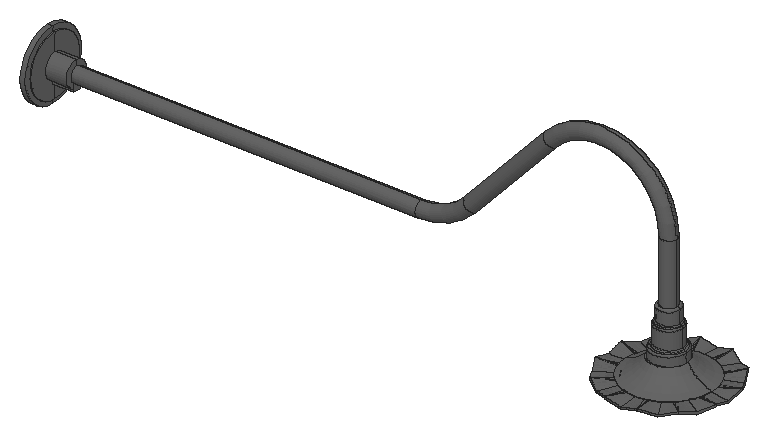
Revit family "Radial 8,12,16,18,20,24 LED", category Lighting Fixtures, Revit 2020 (continued)
Definition of nested family "R916_1"
  Definition of nested family "R916"
    Forms (in)
      SweptBlend 25, solid, material <- "BODY", visible <- "R916"
        end profile origin (-5.46746, -5.82225, 0.12929) x (0.003867, 0.061766, -0.998083) y (0.72969, -0.682641, -0.039418)
          loop
            line (-0.21609, -1.0533) -> (-0.08744, -1.04822) -> (0.12865, 0.00508) -> (-0.16984, 1.03806) -> (-0.29849, 1.03298) -> (0, 0) -> (-0.21609, -1.0533)
      SweptBlend 26, solid, material <- "BODY", visible <- "R916"
        path in 3D
          loop
            line (-3.12594, -5.68607, 0.20086) -> (-3.84775, -6.99904, 0.12929)
        profile origin (-3.12594, -5.68607, 0.20086) x (0, 0.054425, -0.998518) y (0.876608, -0.480492, -0.02619)
          loop
            line (-0.05254, 0.8114) -> (-0.03124, -0.00082) -> (-0.00994, -0.81304) -> (0.05254, -0.8114) -> (0.03124, 0.00082) -> (0.00994, 0.81304) -> (-0.05254, 0.8114)
        end profile origin (-3.84775, -6.99904, 0.12929) x (0, 0.054425, -0.998518) y (0.876608, -0.480492, -0.02619)
          loop
            line (-0.23003, -1.05035) -> (-0.10133, -1.04697) -> (0.1287, 0.00338) -> (-0.15607, 1.04022) -> (-0.28477, 1.03685) -> (0, 0) -> (-0.23003, -1.05035)
    Lines and regions (in)
      sketch lines
        curve 1: line (0, -6.48868, 0.20086) -> (0, -7.98697, 0.12929)
        curve 2: line (-1.61367, -6.28482, 0.20086) -> (-1.98628, -7.73605, 0.12929)
        curve 3: line (1.61367, -6.28482, 0.20086) -> (1.98628, -7.73605, 0.12929)
        curve 4: line (3.12594, -5.68607, 0.20086) -> (3.84775, -6.99904, 0.12929)
        curve 5: line (4.44181, -4.73004, 0.20086) -> (5.46746, -5.82225, 0.12929)
        curve 6: line (5.47857, -3.47681, 0.20086) -> (6.74362, -4.27963, 0.12929)
        curve 7: line (6.1711, -2.00511, 0.20086) -> (7.59606, -2.46811, 0.12929)
        curve 8: line (6.47587, -0.40743, 0.20086) -> (7.97121, -0.50151, 0.12929)
        curve 9: line (6.37375, 1.21586, 0.20086) -> (7.8455, 1.49661, 0.12929)
        curve 10: line (5.87113, 2.76275, 0.20086) -> (7.22683, 3.40069, 0.12929)
        curve 11: line (4.99961, 4.13604, 0.20086) -> (6.15407, 5.09109, 0.12929)
        curve 12: line (3.81395, 5.24945, 0.20086) -> (4.69462, 6.46159, 0.12929)
        curve 13: line (2.38864, 6.03302, 0.20086) -> (2.9402, 7.4261, 0.12929)
        curve 14: line (0.81325, 6.43751, 0.20086) -> (1.00103, 7.92399, 0.12929)
        curve 15: line (-0.81325, 6.43751, 0.20086) -> (-1.00103, 7.92399, 0.12929)
        curve 16: line (-2.38864, 6.03302, 0.20086) -> (-2.9402, 7.4261, 0.12929)
        curve 17: line (-3.81395, 5.24945, 0.20086) -> (-4.69462, 6.46159, 0.12929)
        curve 18: line (-4.99961, 4.13604, 0.20086) -> (-6.15407, 5.09109, 0.12929)
        curve 19: line (-5.87113, 2.76275, 0.20086) -> (-7.22683, 3.40069, 0.12929)
        curve 20: line (-6.37375, 1.21586, 0.20086) -> (-7.8455, 1.49661, 0.12929)
        curve 21: line (-6.47587, -0.40743, 0.20086) -> (-7.97121, -0.50151, 0.12929)
        curve 22: line (-6.1711, -2.00511, 0.20086) -> (-7.59606, -2.46811, 0.12929)
        curve 23: line (-5.47857, -3.47681, 0.20086) -> (-6.74362, -4.27963, 0.12929)
        curve 24: line (-4.44181, -4.73004, 0.20086) -> (-5.46746, -5.82225, 0.12929)
        curve 25: line (-3.12594, -5.68607, 0.20086) -> (-3.84775, -6.99904, 0.12929)
    Dimensions and locks (in)
      plane 5 to plane 3 "Center (Left/Right)" = 0' - 8"
      plane 4 to plane 2 = 0' - 6 3/4"
      plane 7 to plane 1 "Center (Front/Back)" = 0' - 8"
      plane 6 to plane 5 = 1' - 4"
      aligned and locked: plane 2 to level
Definition of nested family "R918_1"
  Parameters (values of type "R918_1")
    R918 [instance] = yes
    Light Elevation [instance] = 2' - 0"
    Default Elevation = 0' - 0"
    Body [instance] = none
  Reference planes (in)
    plane 1 "Center (Front/Back)": y = 0
    plane 2: z = 0
    plane 3 "Center (Left/Right)": x = 0
    plane 4: z = 24
  Dimensions and locks (in)
    "Light Elevation": plane 4 to plane 2
    aligned and locked: plane 2 to level
    aligned and locked: plane 3 "Center (Left/Right)" to nested 1
    aligned and locked: plane 1 "Center (Front/Back)" to nested 1
    aligned and locked: plane 4 to nested 1
  Nested families (in)
    nested 1: "R918" at (0, 0, 17.125), Body <- "Body", visible <- "R918", R918 <- "R918", type "R918"
      with R918 yes, Body none
  Definition of nested family "R918"
    Parameters (values of type "R918")
      R918 [instance] = yes
      Default Elevation = 0' - 0"
      Body [instance] = none
    Reference planes (in)
      plane 1 "Center (Front/Back)": y = 0
      plane 2: z = 0
      plane 3 "Center (Left/Right)": x = 0
      plane 4: z = 6.875
      plane 5: x = 9
      plane 6: x = -9
      plane 7: y = 9
      plane 8: y = -9
    Forms (in)
      Revolve 1, solid, material <- "Body", visible <- "R918"
        sketch origin (-45.14533, 0, -7.875) x (1, 0, 0) y (0, 0, 1)
          loop
            line (45.14533, 10.65258) -> (42.89533, 10.65258)
            arc (42.89533, 10.65258) -> (40.64165, 8.94782) -> (37.89752, 8.27324) r 6.99871
            line (37.89752, 8.27324) -> (37.89752, 8.17949)
            arc (37.89752, 8.17949) -> (40.67892, 8.86757) -> (42.96859, 10.59008) r 7.1677
            line (42.96859, 10.59008) -> (45.14533, 10.59008) -> (45.14533, 10.65258)
          axis (45.14533, 10.65258) -> (45.14533, 8.17949)
        angle from 0 to 360
      SweptBlend 2, solid, material <- "Body", visible <- "R918"
        path in 3D
          loop
            line (0.02225, -5.64792, 0.40543) -> (0.02225, -9.00352, 0.34686)
        profile origin (0.02225, -5.64792, 0.40543) x (0.002085, 0.017452, -0.999846) y (0.999998, -0.000036, 0.002085)
          loop
            line (0.00003, 0) -> (-0.00257, -1.25) -> (0.05993, -1.25013) -> (0.06253, -0.00013) -> (0.06514, 1.24987) -> (0.00264, 1.25) -> (0.00003, 0)
        end profile origin (0.02225, -9.00352, 0.34686) x (0.002085, 0.017452, -0.999846) y (0.999998, -0.000036, 0.002085)
          loop
            line (0.00437, 2.07812) -> (0.1641, -0.00034) -> (-0.0043, -2.07812) -> (0.1832, -2.07851) -> (0.3516, -0.00073) -> (0.19187, 2.07773) -> (0.00437, 2.07812)
      SweptBlend 3, solid, material <- "Body", visible <- "R918"
        path in 3D
          loop
            line (-2.43049, -5.09825, 0.40543) -> (-3.88643, -8.12155, 0.34686)
        profile origin (-2.43049, -5.09825, 0.40543) x (-0.358874, 0.154992, 0.920428) y (-0.826445, 0.405561, -0.390523)
          loop
            line (-0.00003, 0.00001) -> (0.4882, 1.15072) -> (0.43066, 1.17513) -> (-0.05757, 0.02442) -> (-0.5458, -1.12628) -> (-0.48826, -1.1507) -> (-0.00003, 0.00001)
        end profile origin (-3.88643, -8.12155, 0.34686) x (-0.358874, 0.154992, 0.920428) y (-0.826445, 0.405561, -0.390523)
          loop
            line (-0.81171, -1.91304) -> (-0.15106, 0.06409) -> (0.81165, 1.91307) -> (0.63904, 1.9863) -> (-0.32367, 0.13733) -> (-0.98432, -1.83981) -> (-0.81171, -1.91304)
      SweptBlend 4, solid, material <- "Body", visible <- "R918"
        path in 3D
          loop
            line (2.47059, -5.07894, 0.40543) -> (3.92653, -8.10224, 0.34686)
        profile origin (2.47059, -5.07894, 0.40543) x (0.413497, 0.181845, 0.892162) y (-0.800514, -0.394252, 0.451379)
          loop
            line (-0.00003, -0.00002) -> (-0.56434, 1.11536) -> (-0.62011, 1.08714) -> (-0.0558, -0.02823) -> (0.50851, -1.1436) -> (0.56428, -1.11539) -> (-0.00003, -0.00002)
        end profile origin (3.92653, -8.10224, 0.34686) x (0.413497, 0.181845, 0.892162) y (-0.800514, -0.394252, 0.451379)
          loop
            line (0.93813, -1.85432) -> (-0.14642, -0.07408) -> (-0.9382, 1.85429) -> (-1.1055, 1.76964) -> (-0.31373, -0.15873) -> (0.77083, -1.93897) -> (0.93813, -1.85432)
      SweptBlend 5, solid, material <- "Body", visible <- "R918"
        path in 3D
          loop
            line (4.4296, -3.50402, 0.40543) -> (7.05311, -5.5962, 0.34686)
        profile origin (4.4296, -3.50402, 0.40543) x (0.021307, 0.054665, -0.998277) y (0.623275, 0.779994, 0.056015)
          loop
            line (0.00003, 0) -> (-0.06999, -1.24804) -> (-0.00759, -1.25154) -> (0.06244, -0.0035) -> (0.13247, 1.24453) -> (0.07006, 1.24803) -> (0.00003, 0)
        end profile origin (7.05311, -5.5962, 0.34686) x (0.021307, 0.054665, -0.998277) y (0.623275, 0.779994, 0.056015)
          loop
            line (0.11646, 2.07486) -> (0.16384, -0.00919) -> (-0.11639, -2.07486) -> (0.07082, -2.08537) -> (0.35104, -0.0197) -> (0.30366, 2.06435) -> (0.11646, 2.07486)
      SweptBlend 6, solid, material <- "Body", visible <- "R918"
        path in 3D
          loop
            line (5.51127, -1.23509, 0.40543) -> (8.78273, -1.98178, 0.34686)
        profile origin (5.51127, -1.23509, 0.40543) x (0.033619, 0.069082, 0.997044) y (-0.220624, -0.972485, 0.074819)
          loop
            line (-0.00003, 0) -> (-0.09357, 1.24649) -> (-0.1559, 1.24182) -> (-0.06236, -0.00468) -> (0.03118, -1.25117) -> (0.0935, -1.2465) -> (-0.00003, 0)
        end profile origin (8.78273, -1.98178, 0.34686) x (0.033619, 0.069082, 0.997044) y (-0.220624, -0.972485, 0.074819)
          loop
            line (0.15547, -2.0723) -> (-0.16364, -0.01228) -> (-0.15554, 2.0723) -> (-0.34252, 2.05827) -> (-0.35061, -0.02631) -> (-0.0315, -2.08633) -> (0.15547, -2.0723)
      SweptBlend 7, solid, material <- "Body", visible <- "R918"
        path in 3D
          loop
            line (5.50136, 1.27848, 0.40543) -> (8.77283, 2.02517, 0.34686)
        profile origin (5.50136, 1.27848, 0.40543) x (0.010112, 0.034087, 0.999368) y (0.222941, -0.97434, 0.030978)
          loop
            line (-0.00003, 0) -> (-0.03876, 1.2494) -> (-0.10123, 1.24746) -> (-0.0625, -0.00194) -> (-0.02378, -1.25134) -> (0.03869, -1.2494) -> (-0.00003, 0)
        end profile origin (8.77283, 2.02517, 0.34686) x (0.010112, 0.034087, 0.999368) y (0.222941, -0.97434, 0.030978)
          loop
            line (0.06435, -2.07713) -> (-0.16402, -0.00508) -> (-0.06442, 2.07713) -> (-0.25183, 2.07132) -> (-0.35143, -0.01089) -> (-0.12306, -2.08294) -> (0.06435, -2.07713)
      SweptBlend 8, solid, material <- "Body", visible <- "R918"
        path in 3D
          loop
            line (4.40185, 3.53882, 0.40543) -> (7.02536, 5.631, 0.34686)
        profile origin (4.40185, 3.53882, 0.40543) x (0.001012, 0.026716, 0.999643) y (0.623638, -0.781451, 0.020254)
          loop
            line (-0.00003, 0) -> (-0.02536, 1.24974) -> (-0.08784, 1.24848) -> (-0.06252, -0.00127) -> (-0.0372, -1.25101) -> (0.02529, -1.24974) -> (-0.00003, 0)
        end profile origin (7.02536, 5.631, 0.34686) x (0.001012, 0.026716, 0.999643) y (0.623638, -0.781451, 0.020254)
          loop
            line (0.04206, -2.0777) -> (-0.16406, -0.00332) -> (-0.04213, 2.0777) -> (-0.22959, 2.0739) -> (-0.35153, -0.00712) -> (-0.1454, -2.0815) -> (0.04206, -2.0777)
      SweptBlend 9, solid, material <- "Body", visible <- "R918"
        path in 3D
          loop
            line (2.43049, 5.09825, 0.40543) -> (3.88643, 8.12155, 0.34686)
        profile origin (2.43049, 5.09825, 0.40543) x (-0.000191, 0.019462, 0.999811) y (0.901001, -0.433732, 0.008616)
          loop
            line (-0.00003, 0) -> (-0.01081, 1.24995) -> (-0.0733, 1.24941) -> (-0.06253, -0.00054) -> (-0.05176, -1.25049) -> (0.01074, -1.24995) -> (-0.00003, 0)
        end profile origin (3.88643, 8.12155, 0.34686) x (-0.000191, 0.019462, 0.999811) y (0.901001, -0.433732, 0.008616)
          loop
            line (0.01787, -2.07805) -> (-0.16409, -0.00141) -> (-0.01794, 2.07805) -> (-0.20543, 2.07643) -> (-0.35158, -0.00303) -> (-0.16962, -2.07966) -> (0.01787, -2.07805)
      SweptBlend 10, solid, material <- "Body", visible <- "R918"
        path in 3D
          loop
            line (-0.02225, 5.64792, 0.40543) -> (-0.02225, 9.00352, 0.34686)
        profile origin (-0.02225, 5.64792, 0.40543) x (0.04465, 0.017435, 0.998851) y (0.999003, -0.000779, -0.044643)
          loop
            line (-0.00003, 0) -> (0.05578, 1.24875) -> (-0.00666, 1.25155) -> (-0.06247, 0.00279) -> (-0.11829, -1.24596) -> (-0.05585, -1.24875) -> (-0.00003, 0)
        end profile origin (-0.02225, 9.00352, 0.34686) x (0.04465, 0.017435, 0.998851) y (0.999003, -0.000779, -0.044643)
          loop
            line (-0.09282, -2.07605) -> (-0.16393, 0.00733) -> (0.09275, 2.07605) -> (-0.09456, 2.08443) -> (-0.35125, 0.0157) -> (-0.28014, -2.06768) -> (-0.09282, -2.07605)
      SweptBlend 11, solid, material <- "Body", visible <- "R918"
        path in 3D
          loop
            line (-2.47059, 5.07894, 0.40543) -> (-3.92653, 8.10224, 0.34686)
        profile origin (-2.47059, 5.07894, 0.40543) x (0.115316, 0.036301, -0.992665) y (-0.893591, -0.432648, -0.119628)
          loop
            line (0.00003, 0) -> (0.14959, -1.24102) -> (0.21164, -1.23354) -> (0.06209, 0.00748) -> (-0.08747, 1.2485) -> (-0.14952, 1.24102) -> (0.00003, 0)
        end profile origin (-3.92653, 8.10224, 0.34686) x (0.115316, 0.036301, -0.992665) y (-0.893591, -0.432648, -0.119628)
          loop
            line (-0.24861, 2.0632) -> (0.16292, 0.01963) -> (0.24867, -2.06319) -> (0.43483, -2.04076) -> (0.34907, 0.04207) -> (-0.06245, 2.08563) -> (-0.24861, 2.0632)
      SweptBlend 12, solid, material <- "Body", visible <- "R918"
        path in 3D
          loop
            line (-4.4296, 3.50402, 0.40543) -> (-7.05311, 5.5962, 0.34686)
        profile origin (-4.4296, 3.50402, 0.40543) x (0.623341, 0.781898, 0.009028) y (0.019274, -0.003821, -0.999807)
          loop
            line (0, 0.00003) -> (1.24995, 0.01132) -> (1.24938, 0.07382) -> (-0.00056, 0.06253) -> (-1.25051, 0.05124) -> (-1.24995, -0.01125) -> (0, 0.00003)
        end profile origin (-7.05311, 5.5962, 0.34686) x (0.623341, 0.781898, 0.009028) y (0.019274, -0.003821, -0.999807)
          loop
            line (-2.07804, -0.01873) -> (-0.00148, 0.16409) -> (2.07804, 0.0188) -> (2.07635, 0.20629) -> (-0.00317, 0.35158) -> (-2.07973, 0.16876) -> (-2.07804, -0.01873)
      SweptBlend 13, solid, material <- "Body", visible <- "R918"
        path in 3D
          loop
            line (-5.51127, 1.23509, 0.40543) -> (-8.78273, 1.98178, 0.34686)
        profile origin (-5.51127, 1.23509, 0.40543) x (0.028494, 0.046514, -0.998511) y (-0.221344, -0.973825, -0.051681)
          loop
            line (0.00003, 0) -> (0.06465, -1.24833) -> (0.12706, -1.2451) -> (0.06245, 0.00323) -> (-0.00216, 1.25156) -> (-0.06458, 1.24833) -> (0.00003, 0)
        end profile origin (-8.78273, 1.98178, 0.34686) x (0.028494, 0.046514, -0.998511) y (-0.221344, -0.973825, -0.051681)
          loop
            line (-0.10738, 2.07535) -> (0.16388, 0.00848) -> (0.10745, -2.07535) -> (0.2947, -2.06565) -> (0.35113, 0.01817) -> (0.07987, 2.08504) -> (-0.10738, 2.07535)
      SweptBlend 14, solid, material <- "Body", visible <- "R918"
        path in 3D
          loop
            line (-5.50136, -1.27848, 0.40543) -> (-8.77283, -2.02517, 0.34686)
        profile origin (-5.50136, -1.27848, 0.40543) x (0.002083, 0.06913, -0.997605) y (0.223161, -0.972482, -0.066923)
          loop
            line (0.00003, 0) -> (0.0837, -1.24719) -> (0.14606, -1.24301) -> (0.06239, 0.00419) -> (-0.02127, 1.25138) -> (-0.08363, 1.2472) -> (0.00003, 0)
        end profile origin (-8.77283, -2.02517, 0.34686) x (0.002083, 0.06913, -0.997605) y (0.223161, -0.972482, -0.066923)
          loop
            line (-0.13906, 2.07347) -> (0.16373, 0.01098) -> (0.13913, -2.07346) -> (0.32621, -2.06091) -> (0.35081, 0.02353) -> (0.04802, 2.08602) -> (-0.13906, 2.07347)
      SweptBlend 15, solid, material <- "Body", visible <- "R918"
        path in 3D
          loop
            line (-4.40185, -3.53882, 0.40543) -> (-7.02536, -5.631, 0.34686)
        profile origin (-4.40185, -3.53882, 0.40543) x (0.002085, 0.025372, -0.999676) y (0.623636, -0.781495, -0.018533)
          loop
            line (0.00003, 0) -> (0.0232, -1.24978) -> (0.08569, -1.24863) -> (0.06252, 0.00116) -> (0.03935, 1.25094) -> (-0.02314, 1.24979) -> (0.00003, 0)
        end profile origin (-7.02536, -5.631, 0.34686) x (0.002085, 0.025372, -0.999676) y (0.623636, -0.781495, -0.018533)
          loop
            line (-0.03849, 2.07777) -> (0.16407, 0.00304) -> (0.03856, -2.07777) -> (0.22602, -2.07429) -> (0.35154, 0.00652) -> (0.14898, 2.08124) -> (-0.03849, 2.07777)
      Revolve 16, solid, material <- "Body", visible <- "R918"
        sketch origin (0, 0, 0) x (1, 0, 0) y (0, 0, 1)
          loop
            line (-0.12915, 6.875) -> (-1.18211, 6.875) -> (-1.18211, 5.59021) -> (-1.48446, 5.41565) -> (-1.48446, 4.10774) -> (-1.82597, 3.91057) -> (-1.82597, 2.77758) -> (-1.73222, 2.77758) -> (-1.73222, 3.85645) -> (-1.39071, 4.05361) -> (-1.39071, 5.36152) -> (-1.08836, 5.53608) -> (-1.08836, 6.78125) -> (-0.12915, 6.78125) -> (-0.12915, 6.875)
          axis (0, 6.875) -> (0, 2.77758)
        angle from 0 to 360
    Lines and regions (in)
      sketch lines
        curve 1: line (0.02225, -5.64792, 0.40543) -> (0.02225, -9.00352, 0.34686)
        curve 2: line (-2.43049, -5.09825, 0.40543) -> (-3.88643, -8.12155, 0.34686)
        curve 3: line (2.47059, -5.07894, 0.40543) -> (3.92653, -8.10224, 0.34686)
        curve 4: line (4.4296, -3.50402, 0.40543) -> (7.05311, -5.5962, 0.34686)
        curve 5: line (5.51127, -1.23509, 0.40543) -> (8.78273, -1.98178, 0.34686)
        curve 6: line (5.50136, 1.27848, 0.40543) -> (8.77283, 2.02517, 0.34686)
        curve 7: line (4.40185, 3.53882, 0.40543) -> (7.02536, 5.631, 0.34686)
        curve 8: line (2.43049, 5.09825, 0.40543) -> (3.88643, 8.12155, 0.34686)
        curve 9: line (-0.02225, 5.64792, 0.40543) -> (-0.02225, 9.00352, 0.34686)
        curve 10: line (-2.47059, 5.07894, 0.40543) -> (-3.92653, 8.10224, 0.34686)
        curve 11: line (-4.4296, 3.50402, 0.40543) -> (-7.05311, 5.5962, 0.34686)
        curve 12: line (-5.51127, 1.23509, 0.40543) -> (-8.78273, 1.98178, 0.34686)
        curve 13: line (-5.50136, -1.27848, 0.40543) -> (-8.77283, -2.02517, 0.34686)
        curve 14: line (-4.40185, -3.53882, 0.40543) -> (-7.02536, -5.631, 0.34686)
    Dimensions and locks (in)
      plane 4 to plane 2 = 0' - 6 7/8"
      plane 5 to plane 3 "Center (Left/Right)" = 0' - 9"
      equal spacing: plane 6, plane 3 "Center (Left/Right)", plane 5  (x2)
      plane 6 to plane 5 = 1' - 6"
      plane 7 to plane 1 "Center (Front/Back)" = 0' - 9"
      equal spacing: plane 7, plane 1 "Center (Front/Back)", plane 8
      plane 7 to plane 8 = 1' - 6"
      aligned and locked: plane 2 to level
    Automatic sketch dimensions
      profile plane to SweptBlend 2 sketch curve = 0' - 0.0043"
      SweptBlend 2 sketch curve to profile plane = 0' - 0.00437"
      SweptBlend 2 sketch curve to profile plane = 0' - 0.00034"
      SweptBlend 2 sketch curve to profile plane = 0' - 0.1641"
      SweptBlend 2 sketch curve to profile plane = 0' - 0.1832"
      SweptBlend 2 sketch curve to SweptBlend 2 sketch curve = 0' - 0 3/16"  (x2)
      SweptBlend 2 sketch curve to profile plane = 0' - 0.00073"
      SweptBlend 2 sketch curve to profile plane = 0' - 2 5/64"
      SweptBlend 2 sketch curve to SweptBlend 2 sketch curve = 0' - 0.00039"  (x2)
      profile plane to SweptBlend 2 sketch curve = 0' - 2.07773"
      profile plane to SweptBlend 2 sketch curve = 0' - 0.00257"
      SweptBlend 2 sketch curve to profile plane = 0' - 0"
      SweptBlend 2 sketch curve to profile plane = 0' - 0.00003"
      SweptBlend 2 sketch curve to profile plane = 0' - 0.00264"
      SweptBlend 2 sketch curve to profile plane = 0' - 0.05993"
      SweptBlend 2 sketch curve to profile plane = 0' - 0.00013"
      SweptBlend 2 sketch curve to profile plane = 0' - 1 1/4"
      profile plane to SweptBlend 2 sketch curve = 0' - 1.24987"
      SweptBlend 3 sketch curve to profile plane = 0' - 0.81165"
      profile plane to SweptBlend 3 sketch curve = 0' - 0.81171"
      profile plane to SweptBlend 3 sketch curve = 0' - 0.06409"
      profile plane to SweptBlend 3 sketch curve = 0' - 0.15106"
      SweptBlend 3 sketch curve to profile plane = 0' - 0.63904"
      SweptBlend 3 sketch curve to SweptBlend 3 sketch curve = 0' - 0.17261"  (x2)
      profile plane to SweptBlend 3 sketch curve = 0' - 0.13733"
      profile plane to SweptBlend 3 sketch curve = 0' - 1.91307"
      SweptBlend 3 sketch curve to SweptBlend 3 sketch curve = 0' - 0.07323"  (x2)
      SweptBlend 3 sketch curve to profile plane = 0' - 1.83981"
      SweptBlend 3 sketch curve to profile plane = 0' - 0.4882"
      profile plane to SweptBlend 3 sketch curve = 0' - 0"
      profile plane to SweptBlend 3 sketch curve = 0' - 0.00003"
      profile plane to SweptBlend 3 sketch curve = 0' - 0.48826"
      SweptBlend 3 sketch curve to profile plane = 0' - 0.43066"
      profile plane to SweptBlend 3 sketch curve = 0' - 0.02442"
      profile plane to SweptBlend 3 sketch curve = 0' - 1.15072"
      SweptBlend 3 sketch curve to profile plane = 0' - 1.12628"
      profile plane to SweptBlend 4 sketch curve = 0' - 0.9382"
      SweptBlend 4 sketch curve to profile plane = 0' - 0.93813"
      SweptBlend 4 sketch curve to profile plane = 0' - 0.07408"
      profile plane to SweptBlend 4 sketch curve = 0' - 0.14642"
      profile plane to SweptBlend 4 sketch curve = 0' - 1.1055"
      SweptBlend 4 sketch curve to SweptBlend 4 sketch curve = 0' - 0.16731"  (x2)
      SweptBlend 4 sketch curve to profile plane = 0' - 0.15873"
      profile plane to SweptBlend 4 sketch curve = 0' - 1.85429"
      SweptBlend 4 sketch curve to SweptBlend 4 sketch curve = 0' - 0.08465"  (x2)
      SweptBlend 4 sketch curve to profile plane = 0' - 1.93897"
      profile plane to SweptBlend 4 sketch curve = 0' - 0.56434"
      SweptBlend 4 sketch curve to profile plane = 0' - 0"
      profile plane to SweptBlend 4 sketch curve = 0' - 0.00003"
      SweptBlend 4 sketch curve to profile plane = 0' - 0.56428"
      profile plane to SweptBlend 4 sketch curve = 0' - 0.62011"
      SweptBlend 4 sketch curve to profile plane = 0' - 0.02823"
      profile plane to SweptBlend 4 sketch curve = 0' - 1.11536"
      SweptBlend 4 sketch curve to profile plane = 0' - 1.1436"
      profile plane to SweptBlend 5 sketch curve = 0' - 0.11639"
      SweptBlend 5 sketch curve to profile plane = 0' - 0.11646"
      SweptBlend 5 sketch curve to profile plane = 0' - 0.00919"
      SweptBlend 5 sketch curve to profile plane = 0' - 0.16384"
      SweptBlend 5 sketch curve to profile plane = 0' - 0.07082"
      SweptBlend 5 sketch curve to SweptBlend 5 sketch curve = 0' - 0.18721"  (x2)
      SweptBlend 5 sketch curve to profile plane = 0' - 0.0197"
      SweptBlend 5 sketch curve to profile plane = 0' - 2.07486"
      SweptBlend 5 sketch curve to SweptBlend 5 sketch curve = 0' - 0.0105"  (x2)
      profile plane to SweptBlend 5 sketch curve = 0' - 2.06435"
      profile plane to SweptBlend 5 sketch curve = 0' - 0.06999"
      SweptBlend 5 sketch curve to profile plane = 0' - 0"
      SweptBlend 5 sketch curve to profile plane = 0' - 0.00003"
      SweptBlend 5 sketch curve to profile plane = 0' - 0.07006"
      profile plane to SweptBlend 5 sketch curve = 0' - 0.00759"
      SweptBlend 5 sketch curve to profile plane = 0' - 0.0035"
      SweptBlend 5 sketch curve to profile plane = 0' - 1.24804"
      profile plane to SweptBlend 5 sketch curve = 0' - 1.24453"
      profile plane to SweptBlend 6 sketch curve = 0' - 0.15554"
      SweptBlend 6 sketch curve to profile plane = 0' - 0.15547"
      SweptBlend 6 sketch curve to profile plane = 0' - 0.01228"
      profile plane to SweptBlend 6 sketch curve = 0' - 0.16364"
      profile plane to SweptBlend 6 sketch curve = 0' - 0.34252"
      SweptBlend 6 sketch curve to SweptBlend 6 sketch curve = 0' - 0.18697"  (x2)
      SweptBlend 6 sketch curve to profile plane = 0' - 0.02631"
      profile plane to SweptBlend 6 sketch curve = 0' - 2.0723"
      SweptBlend 6 sketch curve to SweptBlend 6 sketch curve = 0' - 0.01403"  (x2)
      SweptBlend 6 sketch curve to profile plane = 0' - 2.08633"
      profile plane to SweptBlend 6 sketch curve = 0' - 0.09357"
      SweptBlend 6 sketch curve to profile plane = 0' - 0"
      profile plane to SweptBlend 6 sketch curve = 0' - 0.00003"
      SweptBlend 6 sketch curve to profile plane = 0' - 0.0935"
      profile plane to SweptBlend 6 sketch curve = 0' - 0.1559"
      SweptBlend 6 sketch curve to profile plane = 0' - 0.00468"
      profile plane to SweptBlend 6 sketch curve = 0' - 1.24649"
      SweptBlend 6 sketch curve to profile plane = 0' - 1.25117"
      profile plane to SweptBlend 7 sketch curve = 0' - 0.06442"
      SweptBlend 7 sketch curve to profile plane = 0' - 0.06435"
      SweptBlend 7 sketch curve to profile plane = 0' - 0.00508"
      profile plane to SweptBlend 7 sketch curve = 0' - 0.16402"
      profile plane to SweptBlend 7 sketch curve = 0' - 0.25183"
      SweptBlend 7 sketch curve to SweptBlend 7 sketch curve = 0' - 0.18741"  (x2)
      SweptBlend 7 sketch curve to profile plane = 0' - 0.01089"
      profile plane to SweptBlend 7 sketch curve = 0' - 2.07713"
      SweptBlend 7 sketch curve to SweptBlend 7 sketch curve = 0' - 0.00581"  (x2)
      SweptBlend 7 sketch curve to profile plane = 0' - 2.08294"
      profile plane to SweptBlend 7 sketch curve = 0' - 0.03876"
      SweptBlend 7 sketch curve to profile plane = 0' - 0"
      profile plane to SweptBlend 7 sketch curve = 0' - 0.00003"
      SweptBlend 7 sketch curve to profile plane = 0' - 0.03869"
      profile plane to SweptBlend 7 sketch curve = 0' - 0.10123"
      SweptBlend 7 sketch curve to profile plane = 0' - 0.00194"
      profile plane to SweptBlend 7 sketch curve = 0' - 1.2494"
      SweptBlend 7 sketch curve to profile plane = 0' - 1.25134"
      profile plane to SweptBlend 8 sketch curve = 0' - 0.04213"
      SweptBlend 8 sketch curve to profile plane = 0' - 0.04206"
      SweptBlend 8 sketch curve to profile plane = 0' - 0.00332"
      profile plane to SweptBlend 8 sketch curve = 0' - 0 21/128"
      profile plane to SweptBlend 8 sketch curve = 0' - 0.22959"
      SweptBlend 8 sketch curve to SweptBlend 8 sketch curve = 0' - 0.18746"  (x2)
      SweptBlend 8 sketch curve to profile plane = 0' - 0.00712"
      profile plane to SweptBlend 8 sketch curve = 0' - 2.0777"
      SweptBlend 8 sketch curve to SweptBlend 8 sketch curve = 0' - 0.0038"  (x2)
      SweptBlend 8 sketch curve to profile plane = 0' - 2.0815"
      profile plane to SweptBlend 8 sketch curve = 0' - 0.02536"
      SweptBlend 8 sketch curve to profile plane = 0' - 0"
      profile plane to SweptBlend 8 sketch curve = 0' - 0.00003"
      SweptBlend 8 sketch curve to profile plane = 0' - 0.02529"
      profile plane to SweptBlend 8 sketch curve = 0' - 0.08784"
      SweptBlend 8 sketch curve to profile plane = 0' - 0.00127"
      profile plane to SweptBlend 8 sketch curve = 0' - 1.24974"
      SweptBlend 8 sketch curve to profile plane = 0' - 1.25101"
      profile plane to SweptBlend 9 sketch curve = 0' - 0.01794"
      SweptBlend 9 sketch curve to profile plane = 0' - 0.01787"
      SweptBlend 9 sketch curve to profile plane = 0' - 0.00141"
      profile plane to SweptBlend 9 sketch curve = 0' - 0.16409"
      profile plane to SweptBlend 9 sketch curve = 0' - 0.20543"
      SweptBlend 9 sketch curve to SweptBlend 9 sketch curve = 0' - 0 3/16"  (x2)
      SweptBlend 9 sketch curve to profile plane = 0' - 0.00303"
      profile plane to SweptBlend 9 sketch curve = 0' - 2.07805"
      SweptBlend 9 sketch curve to SweptBlend 9 sketch curve = 0' - 0.00162"  (x2)
      SweptBlend 9 sketch curve to profile plane = 0' - 2.07966"
      profile plane to SweptBlend 9 sketch curve = 0' - 0.01081"
      SweptBlend 9 sketch curve to profile plane = 0' - 0"
      profile plane to SweptBlend 9 sketch curve = 0' - 0.00003"
      SweptBlend 9 sketch curve to profile plane = 0' - 0.01074"
      profile plane to SweptBlend 9 sketch curve = 0' - 0.0733"
      SweptBlend 9 sketch curve to profile plane = 0' - 0.00054"
      profile plane to SweptBlend 9 sketch curve = 0' - 1.24995"
      SweptBlend 9 sketch curve to profile plane = 0' - 1.25049"
      SweptBlend 10 sketch curve to profile plane = 0' - 0.09275"
      profile plane to SweptBlend 10 sketch curve = 0' - 0.09282"
      profile plane to SweptBlend 10 sketch curve = 0' - 0.00733"
      profile plane to SweptBlend 10 sketch curve = 0' - 0.16393"
      profile plane to SweptBlend 10 sketch curve = 0' - 0.09456"
      SweptBlend 10 sketch curve to SweptBlend 10 sketch curve = 0' - 0.18731"  (x2)
      profile plane to SweptBlend 10 sketch curve = 0' - 0.0157"
      profile plane to SweptBlend 10 sketch curve = 0' - 2.07605"
      SweptBlend 10 sketch curve to SweptBlend 10 sketch curve = 0' - 0.00837"  (x2)
      SweptBlend 10 sketch curve to profile plane = 0' - 2.06768"
      SweptBlend 10 sketch curve to profile plane = 0' - 0.05578"
      profile plane to SweptBlend 10 sketch curve = 0' - 0"
      profile plane to SweptBlend 10 sketch curve = 0' - 0.00003"
      profile plane to SweptBlend 10 sketch curve = 0' - 0.05585"
      profile plane to SweptBlend 10 sketch curve = 0' - 0.00666"
      profile plane to SweptBlend 10 sketch curve = 0' - 0.00279"
      profile plane to SweptBlend 10 sketch curve = 0' - 1.24875"
      SweptBlend 10 sketch curve to profile plane = 0' - 1.24596"
      SweptBlend 11 sketch curve to profile plane = 0' - 0.24867"
      profile plane to SweptBlend 11 sketch curve = 0' - 0.24861"
      profile plane to SweptBlend 11 sketch curve = 0' - 0.01963"
      SweptBlend 11 sketch curve to profile plane = 0' - 0.16292"
      SweptBlend 11 sketch curve to profile plane = 0' - 0.43483"
      SweptBlend 11 sketch curve to SweptBlend 11 sketch curve = 0' - 0.18615"  (x2)
      profile plane to SweptBlend 11 sketch curve = 0' - 0.04207"
      SweptBlend 11 sketch curve to profile plane = 0' - 2.06319"
      SweptBlend 11 sketch curve to SweptBlend 11 sketch curve = 0' - 0.02243"  (x2)
      profile plane to SweptBlend 11 sketch curve = 0' - 2.08563"
      SweptBlend 11 sketch curve to profile plane = 0' - 0.14959"
      profile plane to SweptBlend 11 sketch curve = 0' - 0"
      SweptBlend 11 sketch curve to profile plane = 0' - 0.00003"
      profile plane to SweptBlend 11 sketch curve = 0' - 0.14952"
      SweptBlend 11 sketch curve to profile plane = 0' - 0.21164"
      profile plane to SweptBlend 11 sketch curve = 0' - 0.00748"
      SweptBlend 11 sketch curve to profile plane = 0' - 1.24102"
      profile plane to SweptBlend 11 sketch curve = 0' - 1.2485"
      SweptBlend 12 sketch curve to profile plane = 0' - 2.07804"
      profile plane to SweptBlend 12 sketch curve = 0' - 2.07804"
      profile plane to SweptBlend 12 sketch curve = 0' - 0.16409"
      profile plane to SweptBlend 12 sketch curve = 0' - 0.00148"
      SweptBlend 12 sketch curve to profile plane = 0' - 2.07635"
      SweptBlend 12 sketch curve to SweptBlend 12 sketch curve = 0' - 0.00169"  (x2)
      profile plane to SweptBlend 12 sketch curve = 0' - 0.35158"
      profile plane to SweptBlend 12 sketch curve = 0' - 0.0188"
      SweptBlend 12 sketch curve to SweptBlend 12 sketch curve = 0' - 0 3/16"  (x2)
      profile plane to SweptBlend 12 sketch curve = 0' - 0.16876"
      SweptBlend 12 sketch curve to profile plane = 0' - 1.24995"
      profile plane to SweptBlend 12 sketch curve = 0' - 0.00003"
      profile plane to SweptBlend 12 sketch curve = 0' - 0"
      profile plane to SweptBlend 12 sketch curve = 0' - 1.24995"
      SweptBlend 12 sketch curve to profile plane = 0' - 1.24938"
      profile plane to SweptBlend 12 sketch curve = 0' - 0.06253"
      profile plane to SweptBlend 12 sketch curve = 0' - 0.01132"
      profile plane to SweptBlend 12 sketch curve = 0' - 0.05124"
      SweptBlend 13 sketch curve to profile plane = 0' - 0.10745"
      profile plane to SweptBlend 13 sketch curve = 0' - 0.10738"
      profile plane to SweptBlend 13 sketch curve = 0' - 0.00848"
      SweptBlend 13 sketch curve to profile plane = 0' - 0.16388"
      SweptBlend 13 sketch curve to profile plane = 0' - 0.2947"
      SweptBlend 13 sketch curve to SweptBlend 13 sketch curve = 0' - 0.18725"  (x2)
      profile plane to SweptBlend 13 sketch curve = 0' - 0.01817"
      SweptBlend 13 sketch curve to profile plane = 0' - 2.07535"
      SweptBlend 13 sketch curve to SweptBlend 13 sketch curve = 0' - 0.00969"  (x2)
      profile plane to SweptBlend 13 sketch curve = 0' - 2.08504"
      SweptBlend 13 sketch curve to profile plane = 0' - 0.06465"
      profile plane to SweptBlend 13 sketch curve = 0' - 0"
      SweptBlend 13 sketch curve to profile plane = 0' - 0.00003"
      profile plane to SweptBlend 13 sketch curve = 0' - 0.06458"
      SweptBlend 13 sketch curve to profile plane = 0' - 0.12706"
      profile plane to SweptBlend 13 sketch curve = 0' - 0.00323"
      SweptBlend 13 sketch curve to profile plane = 0' - 1.24833"
      profile plane to SweptBlend 13 sketch curve = 0' - 1.25156"
      SweptBlend 14 sketch curve to profile plane = 0' - 0.13913"
      profile plane to SweptBlend 14 sketch curve = 0' - 0.13906"
      profile plane to SweptBlend 14 sketch curve = 0' - 0.01098"
      SweptBlend 14 sketch curve to profile plane = 0' - 0.16373"
      SweptBlend 14 sketch curve to profile plane = 0' - 0.32621"
      SweptBlend 14 sketch curve to SweptBlend 14 sketch curve = 0' - 0.18708"  (x2)
      profile plane to SweptBlend 14 sketch curve = 0' - 0.02353"
      SweptBlend 14 sketch curve to profile plane = 0' - 2.07346"
      SweptBlend 14 sketch curve to SweptBlend 14 sketch curve = 0' - 0.01255"  (x2)
      profile plane to SweptBlend 14 sketch curve = 0' - 2.08602"
      SweptBlend 14 sketch curve to profile plane = 0' - 0.0837"
      profile plane to SweptBlend 14 sketch curve = 0' - 0"
      SweptBlend 14 sketch curve to profile plane = 0' - 0.00003"
      profile plane to SweptBlend 14 sketch curve = 0' - 0.08363"
      SweptBlend 14 sketch curve to profile plane = 0' - 0.14606"
      profile plane to SweptBlend 14 sketch curve = 0' - 0.00419"
      SweptBlend 14 sketch curve to profile plane = 0' - 1.24719"
      profile plane to SweptBlend 14 sketch curve = 0' - 1.25138"
      SweptBlend 15 sketch curve to profile plane = 0' - 0.03856"
      profile plane to SweptBlend 15 sketch curve = 0' - 0.03849"
      profile plane to SweptBlend 15 sketch curve = 0' - 0.00304"
      SweptBlend 15 sketch curve to profile plane = 0' - 0 21/128"
      SweptBlend 15 sketch curve to profile plane = 0' - 0.22602"
      SweptBlend 15 sketch curve to SweptBlend 15 sketch curve = 0' - 0.18747"  (x2)
      profile plane to SweptBlend 15 sketch curve = 0' - 0.00652"
      SweptBlend 15 sketch curve to profile plane = 0' - 2.07777"
      SweptBlend 15 sketch curve to SweptBlend 15 sketch curve = 0' - 0.00348"  (x2)
      profile plane to SweptBlend 15 sketch curve = 0' - 2.08124"
      SweptBlend 15 sketch curve to profile plane = 0' - 0.0232"
      profile plane to SweptBlend 15 sketch curve = 0' - 0"
      SweptBlend 15 sketch curve to profile plane = 0' - 0.00003"
      profile plane to SweptBlend 15 sketch curve = 0' - 0.02314"
      SweptBlend 15 sketch curve to profile plane = 0' - 0.08569"
      profile plane to SweptBlend 15 sketch curve = 0' - 0.00116"
      SweptBlend 15 sketch curve to profile plane = 0' - 1.24978"
      profile plane to SweptBlend 15 sketch curve = 0' - 1.25094"
      Revolve 16 sketch curve to plane 4 = 0' - 0"
      Revolve 16 sketch curve to plane 3 "Center (Left/Right)" = 0' - 0"
      Revolve 16 sketch curve to plane 3 "Center (Left/Right)" = 0' - 0.12915"
      Revolve 16 sketch curve to plane 3 "Center (Left/Right)" = 0' - 1.08836"
      Revolve 16 sketch curve to Revolve 16 sketch curve = 0' - 0 3/32"  (x3)
      Revolve 16 sketch curve to Revolve 16 sketch curve = 0' - 0.2086"
      Revolve 16 sketch curve to Revolve 16 sketch curve = 0' - 0.24776"
      Revolve 16 sketch curve to plane 4 = 0' - 0 3/32"
      Revolve 16 sketch curve to Revolve 16 sketch curve = 0' - 1.19104"
      Revolve 16 sketch curve to Revolve 16 sketch curve = 0' - 0.05413"  (x4)
      Revolve 16 sketch curve to Revolve 16 sketch curve = 0' - 0.17456"
      Revolve 16 sketch curve to Revolve 16 sketch curve = 0' - 1.25378"
      Revolve 16 sketch curve to Revolve 16 sketch curve = 0' - 0.19717"
      Revolve 16 sketch curve to Revolve 16 sketch curve = 0' - 1.07887"
      Revolve 16 sketch curve to Revolve 16 sketch curve = 0' - 0.45831"
      Revolve 16 sketch curve to Revolve 16 sketch curve = 0' - 0.06992"
      Revolve 1 sketch curve to plane 3 "Center (Left/Right)" = 0' - 0"  (x2)
      level to Revolve 1 sketch curve = 0' - 0.39824"
      Revolve 1 sketch curve to plane 6 = 0' - 1.75219"
      plane 4 to Revolve 1 sketch curve = 0' - 0.51696"
      Revolve 1 sketch curve to plane 6 = 0' - 1.48793"
      Revolve 1 sketch curve to Revolve 1 sketch curve = 0' - 0.03159"
      Revolve 1 sketch curve to Revolve 1 sketch curve = 0' - 0 1/16"
      Revolve 1 sketch curve to Revolve 1 sketch curve = 0' - 0.07413"
      Revolve 1 sketch curve to Revolve 1 sketch curve = 0' - 0.07326"
      Revolve 1 sketch curve to Revolve 1 sketch curve = 0' - 0 3/32"
      Revolve 1 sketch curve to level = 0' - 0.90992"
      Revolve 1 sketch curve to Revolve 1 sketch curve = 0' - 1 1/16"
Definition of nested family "R920_1"
  Parameters (values of type "R920_1")
    R920 [instance] = yes
    Light Elevation [instance] = 2' - 0"
    Default Elevation = 0' - 0"
    Body [instance] = none
  Reference planes (in)
    plane 1 "Center (Front/Back)": y = 0
    plane 2: z = 0
    plane 3 "Center (Left/Right)": x = 0
    plane 4: z = 24
  Dimensions and locks (in)
    "Light Elevation": plane 4 to plane 2
    aligned and locked: plane 2 to level
    aligned and locked: plane 3 "Center (Left/Right)" to nested 1
    aligned and locked: plane 1 "Center (Front/Back)" to nested 1
    aligned and locked: plane 4 to nested 1
  Nested families (in)
    nested 1: "R920" at (0, 0, 17), body <- "Body", visible <- "R920", R920 <- "R920", type "R920"
      with body none, R920 yes
  Definition of nested family "R920"
    Parameters (values of type "R920")
      body [instance] = none
      R920 [instance] = yes
      Default Elevation = 0' - 0"
    Reference planes (in)
      plane 1 "Center (Front/Back)": y = 0
      plane 2: z = 0
      plane 3 "Center (Left/Right)": x = 0
      plane 4: z = 7
      plane 5: x = 10
      plane 6: x = -10
      plane 7: y = 10
      plane 8: y = -10
    Forms (in)
      SweptBlend 1, solid, material <- "body", visible <- "R920"
        path origin (0, 0, -3.6875) x (1, 0, 0) y (0, 0, 1)
          loop
            line (-5, 4) -> (-10, 4)
        profile origin (-5, 0, 0.3125) x (0, 0, -1) y (0, -1, 0)
          loop
            line (0, 0) -> (0, -1.34375) -> (0.0625, -1.34375) -> (0.0625, 0) -> (0.0625, 1.34375) -> (0, 1.34375) -> (0, 0)
        end profile origin (-10, 0, 0.3125) x (0, 0, -1) y (0, -1, 0)
          loop
            line (-0.00208, 2.67383) -> (0.25, 0) -> (-0.00208, -2.67383) -> (0.06042, -2.67383) -> (0.3125, 0) -> (0.06042, 2.67383) -> (-0.00208, 2.67383)
      SweptBlend 2, solid, material <- "body", visible <- "R920"
        path origin (0, 0, -3.6875) x (0.866025, -0.5, 0) y (0, 0, -1)
          loop
            line (-5, -4) -> (-10, -4)
        profile origin (-4.33013, 2.5, 0.3125) x (0, 0, 1) y (0.5, 0.866025, 0)
          loop
            line (0, 0) -> (0, 1.34375) -> (-0.0625, 1.34375) -> (-0.0625, 0) -> (-0.0625, -1.34375) -> (0, -1.34375) -> (0, 0)
        end profile origin (-8.66025, 5, 0.3125) x (0, 0, 1) y (0.5, 0.866025, 0)
          loop
            line (0.00208, 2.67383) -> (-0.06042, 2.67383) -> (-0.3125, 0) -> (-0.06042, -2.67383) -> (0.00208, -2.67383) -> (-0.25, 0) -> (0.00208, 2.67383)
      SweptBlend 3, solid, material <- "body", visible <- "R920"
        path origin (0, 0, -3.6875) x (0.5, -0.866025, 0) y (0, 0, 1)
          loop
            line (-5, 4) -> (-10, 4)
        profile origin (-2.5, 4.33013, 0.3125) x (0, 0, -1) y (-0.866025, -0.5, 0)
          loop
            line (0, 0) -> (0, -1.34375) -> (0.0625, -1.34375) -> (0.0625, 0) -> (0.0625, 1.34375) -> (0, 1.34375) -> (0, 0)
        end profile origin (-5, 8.66025, 0.3125) x (0, 0, -1) y (-0.866025, -0.5, 0)
          loop
            line (-0.00208, 2.67383) -> (0.25, 0) -> (-0.00208, -2.67383) -> (0.06042, -2.67383) -> (0.3125, 0) -> (0.06042, 2.67383) -> (-0.00208, 2.67383)
      SweptBlend 4, solid, material <- "body", visible <- "R920"
        path origin (0, 0, -3.6875) x (0, -1, 0) y (0, 0, -1)
          loop
            line (-5, -4) -> (-10, -4)
        profile origin (0, 5, 0.3125) x (0, 0, 1) y (1, 0, 0)
          loop
            line (0, 0) -> (0, 1.34375) -> (-0.0625, 1.34375) -> (-0.0625, 0) -> (-0.0625, -1.34375) -> (0, -1.34375) -> (0, 0)
        end profile origin (0, 10, 0.3125) x (0, 0, 1) y (1, 0, 0)
          loop
            line (0.00208, 2.67383) -> (-0.06042, 2.67383) -> (-0.3125, 0) -> (-0.06042, -2.67383) -> (0.00208, -2.67383) -> (-0.25, 0) -> (0.00208, 2.67383)
      SweptBlend 5, solid, material <- "body", visible <- "R920"
        path origin (0, 0, -3.6875) x (-0.5, -0.866025, 0) y (0, 0, 1)
          loop
            line (-5, 4) -> (-10, 4)
        profile origin (2.5, 4.33013, 0.3125) x (0, 0, -1) y (-0.866025, 0.5, 0)
          loop
            line (0, 0) -> (0, -1.34375) -> (0.0625, -1.34375) -> (0.0625, 0) -> (0.0625, 1.34375) -> (0, 1.34375) -> (0, 0)
        end profile origin (5, 8.66025, 0.3125) x (0, 0, -1) y (-0.866025, 0.5, 0)
          loop
            line (-0.00208, 2.67383) -> (0.25, 0) -> (-0.00208, -2.67383) -> (0.06042, -2.67383) -> (0.3125, 0) -> (0.06042, 2.67383) -> (-0.00208, 2.67383)
      SweptBlend 6, solid, material <- "body", visible <- "R920"
        path origin (0, 0, -3.6875) x (-0.866025, -0.5, 0) y (0, 0, -1)
          loop
            line (-5, -4) -> (-10, -4)
        profile origin (4.33013, 2.5, 0.3125) x (0, 0, 1) y (0.5, -0.866025, 0)
          loop
            line (0, 0) -> (0, 1.34375) -> (-0.0625, 1.34375) -> (-0.0625, 0) -> (-0.0625, -1.34375) -> (0, -1.34375) -> (0, 0)
        end profile origin (8.66025, 5, 0.3125) x (0, 0, 1) y (0.5, -0.866025, 0)
          loop
            line (0.00208, 2.67383) -> (-0.06042, 2.67383) -> (-0.3125, 0) -> (-0.06042, -2.67383) -> (0.00208, -2.67383) -> (-0.25, 0) -> (0.00208, 2.67383)
      SweptBlend 7, solid, material <- "body", visible <- "R920"
        path origin (0, 0, -3.6875) x (-1, 0, 0) y (0, 0, 1)
          loop
            line (-5, 4) -> (-10, 4)
        profile origin (5, 0, 0.3125) x (0, 0, -1) y (0, 1, 0)
          loop
            line (0, 0) -> (0, -1.34375) -> (0.0625, -1.34375) -> (0.0625, 0) -> (0.0625, 1.34375) -> (0, 1.34375) -> (0, 0)
        end profile origin (10, 0, 0.3125) x (0, 0, -1) y (0, 1, 0)
          loop
            line (-0.00208, 2.67383) -> (0.25, 0) -> (-0.00208, -2.67383) -> (0.06042, -2.67383) -> (0.3125, 0) -> (0.06042, 2.67383) -> (-0.00208, 2.67383)
      SweptBlend 8, solid, material <- "body", visible <- "R920"
        path origin (0, 0, -3.6875) x (-0.866025, 0.5, 0) y (0, 0, -1)
          loop
            line (-5, -4) -> (-10, -4)
        profile origin (4.33013, -2.5, 0.3125) x (0, 0, 1) y (-0.5, -0.866025, 0)
          loop
            line (0, 0) -> (0, 1.34375) -> (-0.0625, 1.34375) -> (-0.0625, 0) -> (-0.0625, -1.34375) -> (0, -1.34375) -> (0, 0)
        end profile origin (8.66025, -5, 0.3125) x (0, 0, 1) y (-0.5, -0.866025, 0)
          loop
            line (0.00208, 2.67383) -> (-0.06042, 2.67383) -> (-0.3125, 0) -> (-0.06042, -2.67383) -> (0.00208, -2.67383) -> (-0.25, 0) -> (0.00208, 2.67383)
      SweptBlend 9, solid, material <- "body", visible <- "R920"
        path origin (0, 0, -3.6875) x (-0.5, 0.866025, 0) y (0, 0, 1)
          loop
            line (-5, 4) -> (-10, 4)
        profile origin (2.5, -4.33013, 0.3125) x (0, 0, -1) y (0.866025, 0.5, 0)
          loop
            line (0, 0) -> (0, -1.34375) -> (0.0625, -1.34375) -> (0.0625, 0) -> (0.0625, 1.34375) -> (0, 1.34375) -> (0, 0)
        end profile origin (5, -8.66025, 0.3125) x (0, 0, -1) y (0.866025, 0.5, 0)
          loop
            line (-0.00208, 2.67383) -> (0.25, 0) -> (-0.00208, -2.67383) -> (0.06042, -2.67383) -> (0.3125, 0) -> (0.06042, 2.67383) -> (-0.00208, 2.67383)
      SweptBlend 10, solid, material <- "body", visible <- "R920"
        path origin (0, 0, -3.6875) x (0, 1, 0) y (0, 0, -1)
          loop
            line (-5, -4) -> (-10, -4)
        profile origin (0, -5, 0.3125) x (0, 0, 1) y (-1, 0, 0)
          loop
            line (0, 0) -> (0, 1.34375) -> (-0.0625, 1.34375) -> (-0.0625, 0) -> (-0.0625, -1.34375) -> (0, -1.34375) -> (0, 0)
        end profile origin (0, -10, 0.3125) x (0, 0, 1) y (-1, 0, 0)
          loop
            line (0.00208, 2.67383) -> (-0.06042, 2.67383) -> (-0.3125, 0) -> (-0.06042, -2.67383) -> (0.00208, -2.67383) -> (-0.25, 0) -> (0.00208, 2.67383)
      SweptBlend 11, solid, material <- "body", visible <- "R920"
        path origin (0, 0, -3.6875) x (0.5, 0.866025, 0) y (0, 0, 1)
          loop
            line (-5, 4) -> (-10, 4)
        profile origin (-2.5, -4.33013, 0.3125) x (0, 0, -1) y (0.866025, -0.5, 0)
          loop
            line (0, 0) -> (0, -1.34375) -> (0.0625, -1.34375) -> (0.0625, 0) -> (0.0625, 1.34375) -> (0, 1.34375) -> (0, 0)
        end profile origin (-5, -8.66025, 0.3125) x (0, 0, -1) y (0.866025, -0.5, 0)
          loop
            line (-0.00208, 2.67383) -> (0.25, 0) -> (-0.00208, -2.67383) -> (0.06042, -2.67383) -> (0.3125, 0) -> (0.06042, 2.67383) -> (-0.00208, 2.67383)
      SweptBlend 12, solid, material <- "body", visible <- "R920"
        path origin (0, 0, -3.6875) x (0.866025, 0.5, 0) y (0, 0, -1)
          loop
            line (-5, -4) -> (-10, -4)
        profile origin (-4.33013, -2.5, 0.3125) x (0, 0, 1) y (-0.5, 0.866025, 0)
          loop
            line (0, 0) -> (0, 1.34375) -> (-0.0625, 1.34375) -> (-0.0625, 0) -> (-0.0625, -1.34375) -> (0, -1.34375) -> (0, 0)
        end profile origin (-8.66025, -5, 0.3125) x (0, 0, 1) y (-0.5, 0.866025, 0)
          loop
            line (0.00208, 2.67383) -> (-0.06042, 2.67383) -> (-0.3125, 0) -> (-0.06042, -2.67383) -> (0.00208, -2.67383) -> (-0.25, 0) -> (0.00208, 2.67383)
      Revolve 13, solid, material <- "body", visible <- "R920"
        sketch origin (-48.38938, 0, -15.03387) x (1, 0, 0) y (0, 0, 1)
          loop
            line (46.85813, 21.90887) -> (46.85813, 20.47359)
            arc (46.85813, 20.47359) -> (46.84334, 20.4146) -> (46.80247, 20.36958) r 0.125
            line (46.80247, 20.36958) -> (46.72629, 20.3188)
            arc (46.72629, 20.3188) -> (46.68542, 20.27377) -> (46.67063, 20.21479) r 0.125
            line (46.67063, 20.21479) -> (46.67063, 18.60894)
            arc (46.67063, 18.60894) -> (46.65196, 18.54323) -> (46.60153, 18.49714) r 0.125
            line (46.60153, 18.49714) -> (46.48905, 18.4409)
            arc (46.48905, 18.4409) -> (46.43891, 18.39528) -> (46.41996, 18.33019) r 0.125
            line (46.41996, 18.33019) -> (46.41299, 17.53169) -> (45.801, 17.53169)
            arc (45.801, 17.53169) -> (45.72429, 17.50539) -> (45.67987, 17.43756) r 0.125
            arc (45.67987, 17.43756) -> (45.03271, 16.30743) -> (43.89595, 15.67199) r 2.43675
            arc (43.89595, 15.67199) -> (42.61824, 15.40009) -> (41.31831, 15.27106) r 11.8025
            line (41.31831, 15.27106) -> (41.32103, 15.20862)
            arc (41.32103, 15.20862) -> (42.62745, 15.33827) -> (43.91155, 15.61146) r 11.865
            arc (43.91155, 15.61146) -> (45.07697, 16.26329) -> (45.74043, 17.42212) r 2.49925
            arc (45.74043, 17.42212) -> (45.76265, 17.45604) -> (45.801, 17.46919) r 0.0625
            line (45.801, 17.46919) -> (46.47495, 17.46919) -> (46.48246, 18.32964)
            arc (46.48246, 18.32964) -> (46.49193, 18.36219) -> (46.51701, 18.385) r 0.0625
            line (46.51701, 18.385) -> (46.62948, 18.44124)
            arc (46.62948, 18.44124) -> (46.70513, 18.51037) -> (46.73313, 18.60894) r 0.1875
            line (46.73313, 18.60894) -> (46.73313, 20.21479)
            arc (46.73313, 20.21479) -> (46.74052, 20.24428) -> (46.76096, 20.26679) r 0.0625
            line (46.76096, 20.26679) -> (46.83714, 20.31758)
            arc (46.83714, 20.31758) -> (46.89844, 20.38511) -> (46.92063, 20.47359) r 0.1875
            line (46.92063, 20.47359) -> (46.92063, 21.90669)
            arc (46.92063, 21.90669) -> (46.93893, 21.95088) -> (46.98313, 21.96919) r 0.0625
            line (46.98313, 21.96919) -> (48.13938, 21.96919) -> (48.13938, 22.03387) -> (46.98313, 22.03387)
            arc (46.98313, 22.03387) -> (46.89474, 21.99726) -> (46.85813, 21.90887) r 0.125
          axis (48.38938, 22.03387) -> (48.38938, 15.20862)
        angle from 0 to 360
    Dimensions and locks (in)
      plane 4 to plane 2 = 0' - 7"
      plane 5 to plane 3 "Center (Left/Right)" = 0' - 10"
      plane 7 to plane 1 "Center (Front/Back)" = 0' - 10"
      aligned and locked: plane 2 to level
Definition of nested family "R924_1"
  Parameters (values of type "R924_1")
    R924 [instance] = yes
    Light Elevation [instance] = 2' - 0.60834"
    Default Elevation = 0' - 0"
    Body [instance] = none
  Reference planes (in)
    plane 1 "Center (Front/Back)": y = 0
    plane 2: z = 0
    plane 3 "Center (Left/Right)": x = 0
    plane 4: z = 24.60834
  Dimensions and locks (in)
    "Light Elevation": plane 4 to plane 2
    aligned and locked: plane 2 to level
    aligned and locked: plane 3 "Center (Left/Right)" to nested 1
    aligned and locked: plane 1 "Center (Front/Back)" to nested 1
    aligned and locked: plane 4 to nested 1
  Nested families (in)
    nested 1: "R924" at (0, 0, 17.60834), body <- "Body", visible <- "R924", R924 <- "R924", type "R924"
      with body none, R924 yes
  Definition of nested family "R924"
    Parameters (values of type "R924")
      body [instance] = none
      R924 [instance] = yes
      Default Elevation = 0' - 0"
    Reference planes (in)
      plane 1 "Center (Front/Back)": y = 0
      plane 2: z = 0
      plane 3 "Center (Left/Right)": x = 0
      plane 4: z = 7
      plane 5: x = 12
      plane 6: x = -12
    Forms (in)
      SweptBlend 1, solid, material <- "body", visible <- "R924"
        path in 3D
          loop
            line (-12, 0, 0.3125) -> (-5, 0, 0.3125)
        profile origin (-12, 0, 0.3125) x (0, 1, 0) y (0, 0, 1)
          loop
            line (0, -0.25) -> (-3.21484, 0) -> (-3.21484, -0.06269) -> (0, -0.31269) -> (3.21484, -0.06269) -> (3.21484, 0) -> (0, -0.25)
        end profile origin (-5, 0, 0.3125) x (0, 1, 0) y (0, 0, 1)
          loop
            line (0, 0) -> (-1.34375, 0) -> (-1.34375, -0.0625) -> (0, -0.0625) -> (1.34375, -0.0625) -> (1.34375, 0) -> (0, 0)
      SweptBlend 2, solid, material <- "body", visible <- "R924"
        path in 3D
          loop
            line (-10.3923, 6, 0.3125) -> (-4.33013, 2.5, 0.3125)
        profile origin (-10.3923, 6, 0.3125) x (0.5, 0.866025, 0) y (0, 0, 1)
          loop
            line (0, -0.25) -> (-3.21484, 0) -> (-3.21484, -0.06269) -> (0, -0.31269) -> (3.21484, -0.06269) -> (3.21484, 0) -> (0, -0.25)
        end profile origin (-4.33013, 2.5, 0.3125) x (0.5, 0.866025, 0) y (0, 0, 1)
          loop
            line (0, 0) -> (-1.34375, 0) -> (-1.34375, -0.0625) -> (0, -0.0625) -> (1.34375, -0.0625) -> (1.34375, 0) -> (0, 0)
      SweptBlend 3, solid, material <- "body", visible <- "R924"
        path in 3D
          loop
            line (-6, 10.3923, 0.3125) -> (-2.5, 4.33013, 0.3125)
        profile origin (-6, 10.3923, 0.3125) x (0.866025, 0.5, 0) y (0, 0, 1)
          loop
            line (0, -0.25) -> (-3.21484, 0) -> (-3.21484, -0.06269) -> (0, -0.31269) -> (3.21484, -0.06269) -> (3.21484, 0) -> (0, -0.25)
        end profile origin (-2.5, 4.33013, 0.3125) x (0.866025, 0.5, 0) y (0, 0, 1)
          loop
            line (0, 0) -> (-1.34375, 0) -> (-1.34375, -0.0625) -> (0, -0.0625) -> (1.34375, -0.0625) -> (1.34375, 0) -> (0, 0)
      SweptBlend 4, solid, material <- "body", visible <- "R924"
        path in 3D
          loop
            line (0, 12, 0.3125) -> (0, 5, 0.3125)
        profile origin (0, 12, 0.3125) x (1, 0, 0) y (0, 0, 1)
          loop
            line (0, -0.25) -> (-3.21484, 0) -> (-3.21484, -0.06269) -> (0, -0.31269) -> (3.21484, -0.06269) -> (3.21484, 0) -> (0, -0.25)
        end profile origin (0, 5, 0.3125) x (1, 0, 0) y (0, 0, 1)
          loop
            line (0, 0) -> (-1.34375, 0) -> (-1.34375, -0.0625) -> (0, -0.0625) -> (1.34375, -0.0625) -> (1.34375, 0) -> (0, 0)
      SweptBlend 5, solid, material <- "body", visible <- "R924"
        path in 3D
          loop
            line (6, 10.3923, 0.3125) -> (2.5, 4.33013, 0.3125)
        profile origin (6, 10.3923, 0.3125) x (0.866025, -0.5, 0) y (0, 0, 1)
          loop
            line (0, -0.25) -> (-3.21484, 0) -> (-3.21484, -0.06269) -> (0, -0.31269) -> (3.21484, -0.06269) -> (3.21484, 0) -> (0, -0.25)
        end profile origin (2.5, 4.33013, 0.3125) x (0.866025, -0.5, 0) y (0, 0, 1)
          loop
            line (0, 0) -> (-1.34375, 0) -> (-1.34375, -0.0625) -> (0, -0.0625) -> (1.34375, -0.0625) -> (1.34375, 0) -> (0, 0)
      SweptBlend 6, solid, material <- "body", visible <- "R924"
        path in 3D
          loop
            line (10.3923, 6, 0.3125) -> (4.33013, 2.5, 0.3125)
        profile origin (10.3923, 6, 0.3125) x (0.5, -0.866025, 0) y (0, 0, 1)
          loop
            line (0, -0.25) -> (-3.21484, 0) -> (-3.21484, -0.06269) -> (0, -0.31269) -> (3.21484, -0.06269) -> (3.21484, 0) -> (0, -0.25)
        end profile origin (4.33013, 2.5, 0.3125) x (0.5, -0.866025, 0) y (0, 0, 1)
          loop
            line (0, 0) -> (-1.34375, 0) -> (-1.34375, -0.0625) -> (0, -0.0625) -> (1.34375, -0.0625) -> (1.34375, 0) -> (0, 0)
      SweptBlend 7, solid, material <- "body", visible <- "R924"
        path in 3D
          loop
            line (12, 0, 0.3125) -> (5, 0, 0.3125)
        profile origin (12, 0, 0.3125) x (0, -1, 0) y (0, 0, 1)
          loop
            line (0, -0.25) -> (-3.21484, 0) -> (-3.21484, -0.06269) -> (0, -0.31269) -> (3.21484, -0.06269) -> (3.21484, 0) -> (0, -0.25)
        end profile origin (5, 0, 0.3125) x (0, -1, 0) y (0, 0, 1)
          loop
            line (0, 0) -> (-1.34375, 0) -> (-1.34375, -0.0625) -> (0, -0.0625) -> (1.34375, -0.0625) -> (1.34375, 0) -> (0, 0)
      SweptBlend 8, solid, material <- "body", visible <- "R924"
        path in 3D
          loop
            line (10.3923, -6, 0.3125) -> (4.33013, -2.5, 0.3125)
        profile origin (10.3923, -6, 0.3125) x (-0.5, -0.866025, 0) y (0, 0, 1)
          loop
            line (0, -0.25) -> (-3.21484, 0) -> (-3.21484, -0.06269) -> (0, -0.31269) -> (3.21484, -0.06269) -> (3.21484, 0) -> (0, -0.25)
        end profile origin (4.33013, -2.5, 0.3125) x (-0.5, -0.866025, 0) y (0, 0, 1)
          loop
            line (0, 0) -> (-1.34375, 0) -> (-1.34375, -0.0625) -> (0, -0.0625) -> (1.34375, -0.0625) -> (1.34375, 0) -> (0, 0)
      SweptBlend 9, solid, material <- "body", visible <- "R924"
        path in 3D
          loop
            line (6, -10.3923, 0.3125) -> (2.5, -4.33013, 0.3125)
        profile origin (6, -10.3923, 0.3125) x (-0.866025, -0.5, 0) y (0, 0, 1)
          loop
            line (0, -0.25) -> (-3.21484, 0) -> (-3.21484, -0.06269) -> (0, -0.31269) -> (3.21484, -0.06269) -> (3.21484, 0) -> (0, -0.25)
        end profile origin (2.5, -4.33013, 0.3125) x (-0.866025, -0.5, 0) y (0, 0, 1)
          loop
            line (0, 0) -> (-1.34375, 0) -> (-1.34375, -0.0625) -> (0, -0.0625) -> (1.34375, -0.0625) -> (1.34375, 0) -> (0, 0)
      SweptBlend 10, solid, material <- "body", visible <- "R924"
        path in 3D
          loop
            line (0, -12, 0.3125) -> (0, -5, 0.3125)
        profile origin (0, -12, 0.3125) x (-1, 0, 0) y (0, 0, 1)
          loop
            line (0, -0.25) -> (-3.21484, 0) -> (-3.21484, -0.06269) -> (0, -0.31269) -> (3.21484, -0.06269) -> (3.21484, 0) -> (0, -0.25)
        end profile origin (0, -5, 0.3125) x (-1, 0, 0) y (0, 0, 1)
          loop
            line (0, 0) -> (-1.34375, 0) -> (-1.34375, -0.0625) -> (0, -0.0625) -> (1.34375, -0.0625) -> (1.34375, 0) -> (0, 0)
      SweptBlend 11, solid, material <- "body", visible <- "R924"
        path in 3D
          loop
            line (-6, -10.3923, 0.3125) -> (-2.5, -4.33013, 0.3125)
        profile origin (-6, -10.3923, 0.3125) x (-0.866025, 0.5, 0) y (0, 0, 1)
          loop
            line (0, -0.25) -> (-3.21484, 0) -> (-3.21484, -0.06269) -> (0, -0.31269) -> (3.21484, -0.06269) -> (3.21484, 0) -> (0, -0.25)
        end profile origin (-2.5, -4.33013, 0.3125) x (-0.866025, 0.5, 0) y (0, 0, 1)
          loop
            line (0, 0) -> (-1.34375, 0) -> (-1.34375, -0.0625) -> (0, -0.0625) -> (1.34375, -0.0625) -> (1.34375, 0) -> (0, 0)
      SweptBlend 12, solid, material <- "body", visible <- "R924"
        path in 3D
          loop
            line (-10.3923, -6, 0.3125) -> (-4.33013, -2.5, 0.3125)
        profile origin (-10.3923, -6, 0.3125) x (-0.5, 0.866025, 0) y (0, 0, 1)
          loop
            line (0, -0.25) -> (-3.21484, 0) -> (-3.21484, -0.06269) -> (0, -0.31269) -> (3.21484, -0.06269) -> (3.21484, 0) -> (0, -0.25)
        end profile origin (-4.33013, -2.5, 0.3125) x (-0.5, 0.866025, 0) y (0, 0, 1)
          loop
            line (0, 0) -> (-1.34375, 0) -> (-1.34375, -0.0625) -> (0, -0.0625) -> (1.34375, -0.0625) -> (1.34375, 0) -> (0, 0)
      Revolve 13, solid, material <- "body", visible <- "R924"
        sketch origin (-40.40707, 0, -13.56592) x (1, 0, 0) y (0, 0, 1)
          loop
            line (38.87582, 20.44092) -> (38.87582, 19.28234)
            arc (38.87582, 19.28234) -> (38.86103, 19.22336) -> (38.82015, 19.17834) r 0.125
            line (38.82015, 19.17834) -> (38.74398, 19.12756)
            arc (38.74398, 19.12756) -> (38.70311, 19.08253) -> (38.68832, 19.02355) r 0.125
